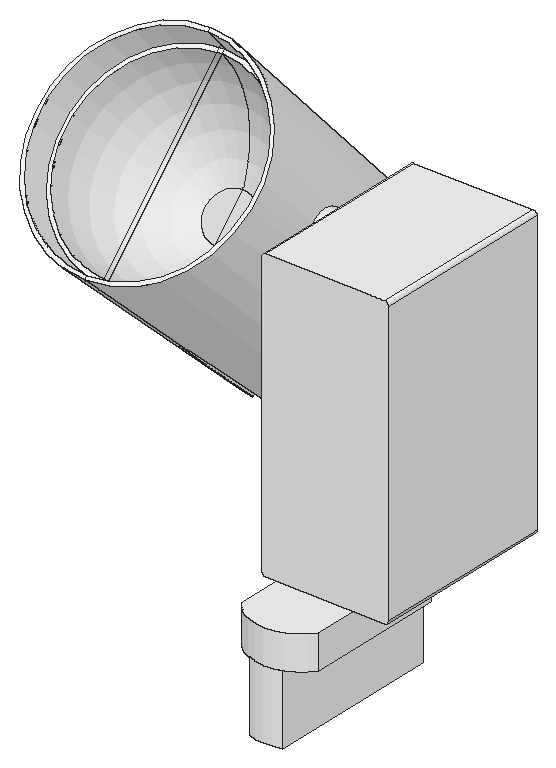
Revit family "0004828 Feilo Sylvania Lighting Fixture START TRACK SPOT S 24W 4K RA80 WB WHITE", category Lighting Fixtures, host Face, Revit 2017 (continued)
Definition of nested family "Start Track Spot Head"
  Types (96, lengths in mm): name | Wattage | built-in parameter 1150134 | Photometric Web File | Model | built-in parameter 1150105 | Lumens | built-in parameter 1150107 | built-in parameter 1150106 | HeadThickness_FEILO | HeadRibOffset_FEILO | HeadRibDepth_FEILO | HeadRibCutWidth_FEILO | HeadRibCutOffset_FEILO | HeadReflectorRadius_FEILO | HeadReflectorOffset_FEILO | HeadLEDRadius_FEILO | HeadHeight_FEILO | HeadDiffusorOffset_FEILO | HeadDiaOut_FEILO | HeadDiaIn_FEILO | HeadAxisFromTop_FEILO | Emit from Circle Diameter | built-in parameter 1150104 | Description | Apparent Load
    0004864 START TRACK SPOT S 24W 3K RA90 WB WHITE | 24 W | (empty or 0) | "0004864.ies" | "START TRACK SPOT S 24W 3K RA90 WB WHITE" | 152.79 (stored number, unit not read) | 1920 lm | 3000 (stored number, unit not read) | 1.5279 (stored number, unit not read) | 1.5 | 4.179 | 55.714 | 7.167 | 50.87 | 50.588 | 55.714 | 9.556 | 117 | 9.435 | 86 | 77.477 | 69.354 | 77.477 | 7.4322 (stored number, unit not read) | "Integrated LED spotlight, Textured White - RAL9016, compact and minimalist design, ideal for retail applications, die-cast aluminium body, passive cooling heatsink. Beam angle: 64°, color temperature: 3000K , total system power: 24W, total fixture output: 1928 lm, LOR: 100%, colour rendering: Ra: 90 typical, LED Chromaticity: 3 step MacAdam ellipse, lifetime: >50000 hours at L70B50, energy class: A++, A+, A, IR/UV free light source without heat radiation, operating voltage: 220-240V / 50-60Hz, drive current: 600mA, electronic driver, non-dimmable, power factor: 0.95, electrical protection: Class II, Global Track 3 Phase adapter suitable for Global trac 3-circuit tracks, ingress protection rating: IP20, suitable for internal environment only, horizontal rotation: 355°, vertical tilt: 90°, dimensions: Ø86x140x200, weight: 0.966kg." | 24 VA
    0004863 START TRACK SPOT S 24W 3K RA90 MB WHITE | 24 W | (empty or 0) | "0004863.ies" | "START TRACK SPOT S 24W 3K RA90 MB WHITE" | 154.7 (stored number, unit not read) | 1944 lm | 3000 (stored number, unit not read) | 1.547 (stored number, unit not read) | 1.5 | 4.179 | 55.714 | 7.167 | 50.87 | 50.588 | 55.714 | 9.556 | 117 | 9.435 | 86 | 77.477 | 69.354 | 77.477 | 7.5251 (stored number, unit not read) | "Integrated LED spotlight, Textured White - RAL9016, compact and minimalist design, ideal for retail applications, die-cast aluminium body, passive cooling heatsink. Beam angle: 36°, color temperature: 3000K , total system power: 24W, total fixture output: 1944 lm, LOR: 100%, colour rendering: Ra: 90 typical, LED Chromaticity: 3 step MacAdam ellipse, lifetime: >50000 hours at L70B50, energy class: A++, A+, A, IR/UV free light source without heat radiation, operating voltage: 220-240V / 50-60Hz, drive current: 600mA, electronic driver, non-dimmable, power factor: 0.95, electrical protection: Class II, Global Track 3 Phase adapter suitable for Global trac 3-circuit tracks, ingress protection rating: IP20, suitable for internal environment only, horizontal rotation: 355°, vertical tilt: 90°, dimensions: Ø86x140x200, weight: 0.966kg." | 24 VA
    0004862 START TRACK SPOT S 24W 3K RA90 NB WHITE | 24 W | (empty or 0) | "0004862.ies" | "START TRACK SPOT S 24W 3K RA90 NB WHITE" | 158.52 (stored number, unit not read) | 1992 lm | 3000 (stored number, unit not read) | 1.5852 (stored number, unit not read) | 1.5 | 4.179 | 55.714 | 7.167 | 50.87 | 50.588 | 55.714 | 9.556 | 117 | 9.435 | 86 | 77.477 | 69.354 | 77.477 | 7.711 (stored number, unit not read) | "Integrated LED spotlight, Textured White - RAL9016, compact and minimalist design, ideal for retail applications, die-cast aluminium body, passive cooling heatsink. Beam angle: 12°, color temperature: 3000K , total system power: 24W, total fixture output: 1987 lm, LOR: 100%, colour rendering: Ra: 90 typical, LED Chromaticity: 3 step MacAdam ellipse, lifetime: >50000 hours at L70B50, energy class: A++, A+, A, IR/UV free light source without heat radiation, operating voltage: 220-240V / 50-60Hz, drive current: 600mA, electronic driver, non-dimmable, power factor: 0.95, electrical protection: Class II, Global Track 3 Phase adapter suitable for Global trac 3-circuit tracks, ingress protection rating: IP20, suitable for internal environment only, horizontal rotation: 355°, vertical tilt: 90°, dimensions: Ø86x140x200, weight: 0.966kg." | 24 VA
    0004861 START TRACK SPOT S 14W 3K RA90 WB WHITE | 14 W | (empty or 0) | "0004861.ies" | "START TRACK SPOT S 14W 3K RA90 WB WHITE" | 100.27 (stored number, unit not read) | 1260 lm | 3000 (stored number, unit not read) | 1.0027 (stored number, unit not read) | 1.5 | 4.179 | 55.714 | 7.167 | 50.87 | 50.588 | 55.714 | 9.556 | 117 | 9.435 | 86 | 77.477 | 69.354 | 77.477 | 8.3613 (stored number, unit not read) | "Integrated LED spotlight, Textured White - RAL9016, compact and minimalist design, ideal for retail applications, die-cast aluminium body, passive cooling heatsink. Beam angle: 64°, color temperature: 3000K , total system power: 14W, total fixture output: 1262 lm, LOR: 100%, colour rendering: Ra: 90 typical, LED Chromaticity: 3 step MacAdam ellipse, lifetime: >50000 hours at L70B50, energy class: A++, A+, A, IR/UV free light source without heat radiation, operating voltage: 220-240V / 50-60Hz, drive current: 350mA, electronic driver, non-dimmable, power factor: 0.92, electrical protection: Class II, Global Track 3 Phase adapter suitable for Global trac 3-circuit tracks, ingress protection rating: IP20, suitable for internal environment only, horizontal rotation: 355°, vertical tilt: 90°, dimensions: Ø86x140x200, weight: 0.940kg." | 14 VA
    0004860 START TRACK SPOT S 14W 3K RA90 MB WHITE | 14 W | (empty or 0) | "0004860.ies" | "START TRACK SPOT S 14W 3K RA90 MB WHITE" | 100.27 (stored number, unit not read) | 1260 lm | 3000 (stored number, unit not read) | 1.0027 (stored number, unit not read) | 1.5 | 4.179 | 55.714 | 7.167 | 50.87 | 50.588 | 55.714 | 9.556 | 117 | 9.435 | 86 | 77.477 | 69.354 | 77.477 | 8.3613 (stored number, unit not read) | "Integrated LED spotlight, Textured White - RAL9016, compact and minimalist design, ideal for retail applications, die-cast aluminium body, passive cooling heatsink. Beam angle: 36°, color temperature: 3000K , total system power: 14W, total fixture output: 1262 lm, LOR: 100%, colour rendering: Ra: 90 typical, LED Chromaticity: 3 step MacAdam ellipse, lifetime: >50000 hours at L70B50, energy class: A++, A+, A, IR/UV free light source without heat radiation, operating voltage: 220-240V / 50-60Hz, drive current: 350mA, electronic driver, non-dimmable, power factor: 0.92, electrical protection: Class II, Global Track 3 Phase adapter suitable for Global trac 3-circuit tracks, ingress protection rating: IP20, suitable for internal environment only, horizontal rotation: 355°, vertical tilt: 90°, dimensions: Ø86x140x200, weight: 0.940kg." | 14 VA
    0004859 START TRACK SPOT S 14W 3K RA90 NB WHITE | 14 W | (empty or 0) | "0004859.ies" | "START TRACK SPOT S 14W 3K RA90 NB WHITE" | 102.5 (stored number, unit not read) | 1288 lm | 3000 (stored number, unit not read) | 1.025 (stored number, unit not read) | 1.5 | 4.179 | 55.714 | 7.167 | 50.87 | 50.588 | 55.714 | 9.556 | 117 | 9.435 | 86 | 77.477 | 69.354 | 77.477 | 8.5471 (stored number, unit not read) | "Integrated LED spotlight, Textured White - RAL9016, compact and minimalist design, ideal for retail applications, die-cast aluminium body, passive cooling heatsink. Beam angle: 12°, color temperature: 3000K , total system power: 14W, total fixture output: 1284 lm, LOR: 100%, colour rendering: Ra: 90 typical, LED Chromaticity: 3 step MacAdam ellipse, lifetime: >50000 hours at L70B50, energy class: A++, A+, A, IR/UV free light source without heat radiation, operating voltage: 220-240V / 50-60Hz, drive current: 350mA, electronic driver, non-dimmable, power factor: 0.92, electrical protection: Class II, Global Track 3 Phase adapter suitable for Global trac 3-circuit tracks, ingress protection rating: IP20, suitable for internal environment only, horizontal rotation: 355°, vertical tilt: 90°, dimensions: Ø86x140x200, weight: 0.940kg." | 14 VA
    0004858 START TRACK SPOT L 55W 4K RA80 WB BLACK | 55 W | 12 | "0004858.ies" | "START TRACK SPOT L 55W 4K RA80 WB BLACK" | 424.55 (stored number, unit not read) | 5335 lm | 4000 (stored number, unit not read) | 4.2455 (stored number, unit not read) | 2 | 4.429 | 59.048 | 9.417 | 53.913 | 66.471 | 59.048 | 12.556 | 124 | 10 | 113 | 101.802 | 73.503 | 101.802 | 9.0116 (stored number, unit not read) | "Integrated LED spotlight, Textured Black - RAL9005, compact and minimalist design, ideal for retail applications, die-cast aluminium body, passive cooling heatsink. Beam angle: 52°, color temperature: 4000K , total system power: 55W, total fixture output: 5320 lm, LOR: 100%, colour rendering: Ra: 80 typical, LED Chromaticity: 3 step MacAdam ellipse, lifetime: >50000 hours at L70B50, energy class: A++, A+, A, IR/UV free light source without heat radiation, operating voltage: 220-240V / 50-60Hz, drive current: 1400mA, electronic driver, non-dimmable, power factor: 0.96, electrical protection: Class II, Global Track 3 Phase adapter suitable for Global trac 3-circuit tracks, ingress protection rating: IP20, suitable for internal environment only, horizontal rotation: 355°, vertical tilt: 90°, dimensions: Ø113x164x240, weight: 1.398kg." | 55 VA
    0004857 START TRACK SPOT L 55W 4K RA80 MB BLACK | 55 W | 12 | "0004857.ies" | "START TRACK SPOT L 55W 4K RA80 MB BLACK" | 428.92 (stored number, unit not read) | 5390 lm | 4000 (stored number, unit not read) | 4.2892 (stored number, unit not read) | 2 | 4.429 | 59.048 | 9.417 | 53.913 | 66.471 | 59.048 | 12.556 | 124 | 10 | 113 | 101.802 | 73.503 | 101.802 | 9.1045 (stored number, unit not read) | "Integrated LED spotlight, Textured Black - RAL9005, compact and minimalist design, ideal for retail applications, die-cast aluminium body, passive cooling heatsink. Beam angle: 38°, color temperature: 4000K , total system power: 55W, total fixture output: 5378 lm, LOR: 100%, colour rendering: Ra: 80 typical, LED Chromaticity: 3 step MacAdam ellipse, lifetime: >50000 hours at L70B50, energy class: A++, A+, A, IR/UV free light source without heat radiation, operating voltage: 220-240V / 50-60Hz, drive current: 1400mA, electronic driver, non-dimmable, power factor: 0.96, electrical protection: Class II, Global Track 3 Phase adapter suitable for Global trac 3-circuit tracks, ingress protection rating: IP20, suitable for internal environment only, horizontal rotation: 355°, vertical tilt: 90°, dimensions: Ø113x164x240, weight: 1.398kg." | 55 VA
    0004856 START TRACK SPOT L 55W 4K RA80 NB BLACK | 55 W | 12 | "0004856.ies" | "START TRACK SPOT L 55W 4K RA80 NB BLACK" | 433.3 (stored number, unit not read) | 5445 lm | 4000 (stored number, unit not read) | 4.333 (stored number, unit not read) | 2 | 4.429 | 59.048 | 9.417 | 53.913 | 66.471 | 59.048 | 12.556 | 124 | 10 | 113 | 101.802 | 73.503 | 101.802 | 9.1974 (stored number, unit not read) | "Integrated LED spotlight, Textured Black - RAL9005, compact and minimalist design, ideal for retail applications, die-cast aluminium body, passive cooling heatsink. Beam angle: 15°, color temperature: 4000K , total system power: 55W, total fixture output: 5426 lm, LOR: 100%, colour rendering: Ra: 80 typical, LED Chromaticity: 3 step MacAdam ellipse, lifetime: >50000 hours at L70B50, energy class: A++, A+, A, IR/UV free light source without heat radiation, operating voltage: 220-240V / 50-60Hz, drive current: 1400mA, electronic driver, non-dimmable, power factor: 0.96, electrical protection: Class II, Global Track 3 Phase adapter suitable for Global trac 3-circuit tracks, ingress protection rating: IP20, suitable for internal environment only, horizontal rotation: 355°, vertical tilt: 90°, dimensions: Ø113x164x240, weight: 1.398kg." | 55 VA
    0004855 START TRACK SPOT L 35W 4K RA80 WB BLACK | 35 W | 12 | "0004855.ies" | "START TRACK SPOT L 35W 4K RA80 WB BLACK" | 320.3 (stored number, unit not read) | 4025 lm | 4000 (stored number, unit not read) | 3.203 (stored number, unit not read) | 2 | 4.429 | 59.048 | 9.417 | 53.913 | 66.471 | 59.048 | 12.556 | 124 | 10 | 113 | 101.802 | 73.503 | 101.802 | 10.684 (stored number, unit not read) | "Integrated LED spotlight, Textured Black - RAL9005, compact and minimalist design, ideal for retail applications, die-cast aluminium body, passive cooling heatsink. Beam angle: 52°, color temperature: 4000K , total system power: 35W, total fixture output: 4010 lm, LOR: 100%, colour rendering: Ra: 80 typical, LED Chromaticity: 3 step MacAdam ellipse, lifetime: >50000 hours at L70B50, energy class: A++, A+, A, IR/UV free light source without heat radiation, operating voltage: 220-240V / 50-60Hz, drive current: 900mA, electronic driver, non-dimmable, power factor: 0.93, electrical protection: Class II, Global Track 3 Phase adapter suitable for Global trac 3-circuit tracks, ingress protection rating: IP20, suitable for internal environment only, horizontal rotation: 355°, vertical tilt: 90°, dimensions: Ø113x164x240, weight: 1.368kg." | 35 VA
    0004854 START TRACK SPOT L 35W 4K RA80 MB BLACK | 35 W | 12 | "0004854.ies" | "START TRACK SPOT L 35W 4K RA80 MB BLACK" | 320.3 (stored number, unit not read) | 4025 lm | 4000 (stored number, unit not read) | 3.203 (stored number, unit not read) | 2 | 4.429 | 59.048 | 9.417 | 53.913 | 66.471 | 59.048 | 12.556 | 124 | 10 | 113 | 101.802 | 73.503 | 101.802 | 10.684 (stored number, unit not read) | "Integrated LED spotlight, Textured Black - RAL9005, compact and minimalist design, ideal for retail applications, die-cast aluminium body, passive cooling heatsink. Beam angle: 38°, color temperature: 4000K , total system power: 35W, total fixture output: 4017 lm, LOR: 100%, colour rendering: Ra: 80 typical, LED Chromaticity: 3 step MacAdam ellipse, lifetime: >50000 hours at L70B50, energy class: A++, A+, A, IR/UV free light source without heat radiation, operating voltage: 220-240V / 50-60Hz, drive current: 900mA, electronic driver, non-dimmable, power factor: 0.93, electrical protection: Class II, Global Track 3 Phase adapter suitable for Global trac 3-circuit tracks, ingress protection rating: IP20, suitable for internal environment only, horizontal rotation: 355°, vertical tilt: 90°, dimensions: Ø113x164x240, weight: 1.368kg." | 35 VA
    0004853 START TRACK SPOT L 35W 4K RA80 NB BLACK | 35 W | 12 | "0004853.ies" | "START TRACK SPOT L 35W 4K RA80 NB BLACK" | 331.44 (stored number, unit not read) | 4165 lm | 4000 (stored number, unit not read) | 3.3144 (stored number, unit not read) | 2 | 4.429 | 59.048 | 9.417 | 53.913 | 66.471 | 59.048 | 12.556 | 124 | 10 | 113 | 101.802 | 73.503 | 101.802 | 11.055 (stored number, unit not read) | "Integrated LED spotlight, Textured Black - RAL9005, compact and minimalist design, ideal for retail applications, die-cast aluminium body, passive cooling heatsink. Beam angle: 15°, color temperature: 4000K , total system power: 35W, total fixture output: 4174 lm, LOR: 100%, colour rendering: Ra: 80 typical, LED Chromaticity: 3 step MacAdam ellipse, lifetime: >50000 hours at L70B50, energy class: A++, A+, A, IR/UV free light source without heat radiation, operating voltage: 220-240V / 50-60Hz, drive current: 900mA, electronic driver, non-dimmable, power factor: 0.93, electrical protection: Class II, Global Track 3 Phase adapter suitable for Global trac 3-circuit tracks, ingress protection rating: IP20, suitable for internal environment only, horizontal rotation: 355°, vertical tilt: 90°, dimensions: Ø113x164x240, weight: 1.368kg." | 35 VA
    0004852 START TRACK SPOT S 24W 4K RA80 WB BLACK | 24 W | 12 | "0004852.ies" | "START TRACK SPOT S 24W 4K RA80 WB BLACK" | 196.72 (stored number, unit not read) | 2472 lm | 4000 (stored number, unit not read) | 1.9672 (stored number, unit not read) | 1.5 | 4.179 | 55.714 | 7.167 | 50.87 | 50.588 | 55.714 | 9.556 | 117 | 9.435 | 86 | 77.477 | 69.354 | 77.477 | 9.569 (stored number, unit not read) | "Integrated LED spotlight, Textured Black - RAL9005, compact and minimalist design, ideal for retail applications, die-cast aluminium body, passive cooling heatsink. Beam angle: 64°, color temperature: 4000K , total system power: 24W, total fixture output: 2476 lm, LOR: 100%, colour rendering: Ra: 80 typical, LED Chromaticity: 3 step MacAdam ellipse, lifetime: >50000 hours at L70B50, energy class: A++, A+, A, IR/UV free light source without heat radiation, operating voltage: 220-240V / 50-60Hz, drive current: 600mA, electronic driver, non-dimmable, power factor: 0.95, electrical protection: Class II, Global Track 3 Phase adapter suitable for Global trac 3-circuit tracks, ingress protection rating: IP20, suitable for internal environment only, horizontal rotation: 355°, vertical tilt: 90°, dimensions: Ø86x140x200, weight: 0.966kg." | 24 VA
    0004851 START TRACK SPOT S 24W 4K RA80 MB BLACK | 24 W | 12 | "0004851.ies" | "START TRACK SPOT S 24W 4K RA80 MB BLACK" | 198.63 (stored number, unit not read) | 2496 lm | 4000 (stored number, unit not read) | 1.9863 (stored number, unit not read) | 1.5 | 4.179 | 55.714 | 7.167 | 50.87 | 50.588 | 55.714 | 9.556 | 117 | 9.435 | 86 | 77.477 | 69.354 | 77.477 | 9.6619 (stored number, unit not read) | "Integrated LED spotlight, Textured Black - RAL9005, compact and minimalist design, ideal for retail applications, die-cast aluminium body, passive cooling heatsink. Beam angle: 36°, color temperature: 4000K , total system power: 24W, total fixture output: 2487 lm, LOR: 100%, colour rendering: Ra: 80 typical, LED Chromaticity: 3 step MacAdam ellipse, lifetime: >50000 hours at L70B50, energy class: A++, A+, A, IR/UV free light source without heat radiation, operating voltage: 220-240V / 50-60Hz, drive current: 600mA, electronic driver, non-dimmable, power factor: 0.95, electrical protection: Class II, Global Track 3 Phase adapter suitable for Global trac 3-circuit tracks, ingress protection rating: IP20, suitable for internal environment only, horizontal rotation: 355°, vertical tilt: 90°, dimensions: Ø86x140x200, weight: 0.966kg." | 24 VA
    0004850 START TRACK SPOT S 24W 4K RA80 NB BLACK | 24 W | 12 | "0004850.ies" | "START TRACK SPOT S 24W 4K RA80 NB BLACK" | 200.54 (stored number, unit not read) | 2520 lm | 4000 (stored number, unit not read) | 2.0054 (stored number, unit not read) | 1.5 | 4.179 | 55.714 | 7.167 | 50.87 | 50.588 | 55.714 | 9.556 | 117 | 9.435 | 86 | 77.477 | 69.354 | 77.477 | 9.7548 (stored number, unit not read) | "Integrated LED spotlight, Textured Black - RAL9005, compact and minimalist design, ideal for retail applications, die-cast aluminium body, passive cooling heatsink. Beam angle: 12°, color temperature: 4000K , total system power: 24W, total fixture output: 2529 lm, LOR: 100%, colour rendering: Ra: 80 typical, LED Chromaticity: 3 step MacAdam ellipse, lifetime: >50000 hours at L70B50, energy class: A++, A+, A, IR/UV free light source without heat radiation, operating voltage: 220-240V / 50-60Hz, drive current: 600mA, electronic driver, non-dimmable, power factor: 0.95, electrical protection: Class II, Global Track 3 Phase adapter suitable for Global trac 3-circuit tracks, ingress protection rating: IP20, suitable for internal environment only, horizontal rotation: 355°, vertical tilt: 90°, dimensions: Ø86x140x200, weight: 0.966kg." | 24 VA
    0004849 START TRACK SPOT S 14W 4K RA80 WB BLACK | 14 W | 12 | "0004849.ies" | "START TRACK SPOT S 14W 4K RA80 WB BLACK" | 123.66 (stored number, unit not read) | 1554 lm | 4000 (stored number, unit not read) | 1.2366 (stored number, unit not read) | 1.5 | 4.179 | 55.714 | 7.167 | 50.87 | 50.588 | 55.714 | 9.556 | 117 | 9.435 | 86 | 77.477 | 69.354 | 77.477 | 10.312 (stored number, unit not read) | "Integrated LED spotlight, Textured Black - RAL9005, compact and minimalist design, ideal for retail applications, die-cast aluminium body, passive cooling heatsink. Beam angle: 64°, color temperature: 4000K , total system power: 14W, total fixture output: 1558 lm, LOR: 100%, colour rendering: Ra: 80 typical, LED Chromaticity: 3 step MacAdam ellipse, lifetime: >50000 hours at L70B50, energy class: A++, A+, A, IR/UV free light source without heat radiation, operating voltage: 220-240V / 50-60Hz, drive current: 350mA, electronic driver, non-dimmable, power factor: 0.92, electrical protection: Class II, Global Track 3 Phase adapter suitable for Global trac 3-circuit tracks, ingress protection rating: IP20, suitable for internal environment only, horizontal rotation: 355°, vertical tilt: 90°, dimensions: Ø86x140x200, weight: 0.940kg." | 14 VA
    0004848 START TRACK SPOT S 14W 4K RA80 MB BLACK | 14 W | 12 | "0004848.ies" | "START TRACK SPOT S 14W 4K RA80 MB BLACK" | 127.01 (stored number, unit not read) | 1596 lm | 4000 (stored number, unit not read) | 1.2701 (stored number, unit not read) | 1.5 | 4.179 | 55.714 | 7.167 | 50.87 | 50.588 | 55.714 | 9.556 | 117 | 9.435 | 86 | 77.477 | 69.354 | 77.477 | 10.591 (stored number, unit not read) | "Integrated LED spotlight, Textured Black - RAL9005, compact and minimalist design, ideal for retail applications, die-cast aluminium body, passive cooling heatsink. Beam angle: 36°, color temperature: 4000K , total system power: 14W, total fixture output: 1598 lm, LOR: 100%, colour rendering: Ra: 80 typical, LED Chromaticity: 3 step MacAdam ellipse, lifetime: >50000 hours at L70B50, energy class: A++, A+, A, IR/UV free light source without heat radiation, operating voltage: 220-240V / 50-60Hz, drive current: 350mA, electronic driver, non-dimmable, power factor: 0.92, electrical protection: Class II, Global Track 3 Phase adapter suitable for Global trac 3-circuit tracks, ingress protection rating: IP20, suitable for internal environment only, horizontal rotation: 355°, vertical tilt: 90°, dimensions: Ø86x140x200, weight: 0.940kg." | 14 VA
    0004847 START TRACK SPOT S 14W 4K RA80 NB BLACK | 14 W | 12 | "0004847.ies" | "START TRACK SPOT S 14W 4K RA80 NB BLACK" | 128.12 (stored number, unit not read) | 1610 lm | 4000 (stored number, unit not read) | 1.2812 (stored number, unit not read) | 1.5 | 4.179 | 55.714 | 7.167 | 50.87 | 50.588 | 55.714 | 9.556 | 117 | 9.435 | 86 | 77.477 | 69.354 | 77.477 | 10.684 (stored number, unit not read) | "Integrated LED spotlight, Textured Black - RAL9005, compact and minimalist design, ideal for retail applications, die-cast aluminium body, passive cooling heatsink. Beam angle: 12°, color temperature: 4000K , total system power: 14W, total fixture output: 1608 lm, LOR: 100%, colour rendering: Ra: 80 typical, LED Chromaticity: 3 step MacAdam ellipse, lifetime: >50000 hours at L70B50, energy class: A++, A+, A, IR/UV free light source without heat radiation, operating voltage: 220-240V / 50-60Hz, drive current: 350mA, electronic driver, non-dimmable, power factor: 0.92, electrical protection: Class II, Global Track 3 Phase adapter suitable for Global trac 3-circuit tracks, ingress protection rating: IP20, suitable for internal environment only, horizontal rotation: 355°, vertical tilt: 90°, dimensions: Ø86x140x200, weight: 0.940kg." | 14 VA
    0004846 START TRACK SPOT L 55W 3K RA80 WB BLACK | 55 W | (empty or 0) | "0004846.ies" | "START TRACK SPOT L 55W 3K RA80 WB BLACK" | 420.17 (stored number, unit not read) | 5280 lm | 3000 (stored number, unit not read) | 4.2017 (stored number, unit not read) | 2 | 4.429 | 59.048 | 9.417 | 53.913 | 66.471 | 59.048 | 12.556 | 124 | 10 | 113 | 101.802 | 73.503 | 101.802 | 8.9187 (stored number, unit not read) | "Integrated LED spotlight, Textured Black - RAL9005, compact and minimalist design, ideal for retail applications, die-cast aluminium body, passive cooling heatsink. Beam angle: 52°, color temperature: 3000K , total system power: 55W, total fixture output: 5298 lm, LOR: 100%, colour rendering: Ra: 80 typical, LED Chromaticity: 3 step MacAdam ellipse, lifetime: >50000 hours at L70B50, energy class: A++, A+, A, IR/UV free light source without heat radiation, operating voltage: 220-240V / 50-60Hz, drive current: 1400mA, electronic driver, non-dimmable, power factor: 0.96, electrical protection: Class II, Global Track 3 Phase adapter suitable for Global trac 3-circuit tracks, ingress protection rating: IP20, suitable for internal environment only, horizontal rotation: 355°, vertical tilt: 90°, dimensions: Ø113x164x240, weight: 1.398kg." | 55 VA
    0004845 START TRACK SPOT L 55W 3K RA80 MB BLACK | 55 W | (empty or 0) | "0004845.ies" | "START TRACK SPOT L 55W 3K RA80 MB BLACK" | 428.92 (stored number, unit not read) | 5390 lm | 3000 (stored number, unit not read) | 4.2892 (stored number, unit not read) | 2 | 4.429 | 59.048 | 9.417 | 53.913 | 66.471 | 59.048 | 12.556 | 124 | 10 | 113 | 101.802 | 73.503 | 101.802 | 9.1045 (stored number, unit not read) | "Integrated LED spotlight, Textured Black - RAL9005, compact and minimalist design, ideal for retail applications, die-cast aluminium body, passive cooling heatsink. Beam angle: 38°, color temperature: 3000K , total system power: 55W, total fixture output: 5381 lm, LOR: 100%, colour rendering: Ra: 80 typical, LED Chromaticity: 3 step MacAdam ellipse, lifetime: >50000 hours at L70B50, energy class: A++, A+, A, IR/UV free light source without heat radiation, operating voltage: 220-240V / 50-60Hz, drive current: 1400mA, electronic driver, non-dimmable, power factor: 0.96, electrical protection: Class II, Global Track 3 Phase adapter suitable for Global trac 3-circuit tracks, ingress protection rating: IP20, suitable for internal environment only, horizontal rotation: 355°, vertical tilt: 90°, dimensions: Ø113x164x240, weight: 1.398kg." | 55 VA
    0004844 START TRACK SPOT L 55W 3K RA80 NB BLACK | 55 W | (empty or 0) | "0004844.ies" | "START TRACK SPOT L 55W 3K RA80 NB BLACK" | 433.3 (stored number, unit not read) | 5445 lm | 3000 (stored number, unit not read) | 4.333 (stored number, unit not read) | 2 | 4.429 | 59.048 | 9.417 | 53.913 | 66.471 | 59.048 | 12.556 | 124 | 10 | 113 | 101.802 | 73.503 | 101.802 | 9.1974 (stored number, unit not read) | "Integrated LED spotlight, Textured Black - RAL9005, compact and minimalist design, ideal for retail applications, die-cast aluminium body, passive cooling heatsink. Beam angle: 15°, color temperature: 3000K , total system power: 55W, total fixture output: 5449 lm, LOR: 100%, colour rendering: Ra: 80 typical, LED Chromaticity: 3 step MacAdam ellipse, lifetime: >50000 hours at L70B50, energy class: A++, A+, A, IR/UV free light source without heat radiation, operating voltage: 220-240V / 50-60Hz, drive current: 1400mA, electronic driver, non-dimmable, power factor: 0.96, electrical protection: Class II, Global Track 3 Phase adapter suitable for Global trac 3-circuit tracks, ingress protection rating: IP20, suitable for internal environment only, horizontal rotation: 355°, vertical tilt: 90°, dimensions: Ø113x164x240, weight: 1.398kg." | 55 VA
    0004843 START TRACK SPOT L 35W 3K RA80 WB BLACK | 35 W | (empty or 0) | "0004843.ies" | "START TRACK SPOT L 35W 3K RA80 WB BLACK" | 314.73 (stored number, unit not read) | 3955 lm | 3000 (stored number, unit not read) | 3.1473 (stored number, unit not read) | 2 | 4.429 | 59.048 | 9.417 | 53.913 | 66.471 | 59.048 | 12.556 | 124 | 10 | 113 | 101.802 | 73.503 | 101.802 | 10.498 (stored number, unit not read) | "Integrated LED spotlight, Textured Black - RAL9005, compact and minimalist design, ideal for retail applications, die-cast aluminium body, passive cooling heatsink. Beam angle: 52°, color temperature: 3000K , total system power: 35W, total fixture output: 3943 lm, LOR: 100%, colour rendering: Ra: 80 typical, LED Chromaticity: 3 step MacAdam ellipse, lifetime: >50000 hours at L70B50, energy class: A++, A+, A, IR/UV free light source without heat radiation, operating voltage: 220-240V / 50-60Hz, drive current: 900mA, electronic driver, non-dimmable, power factor: 0.93, electrical protection: Class II, Global Track 3 Phase adapter suitable for Global trac 3-circuit tracks, ingress protection rating: IP20, suitable for internal environment only, horizontal rotation: 355°, vertical tilt: 90°, dimensions: Ø113x164x240, weight: 1.368kg." | 35 VA
    0004842 START TRACK SPOT L 35W 3K RA80 MB BLACK | 35 W | (empty or 0) | "0004842.ies" | "START TRACK SPOT L 35W 3K RA80 MB BLACK" | 320.3 (stored number, unit not read) | 4025 lm | 3000 (stored number, unit not read) | 3.203 (stored number, unit not read) | 2 | 4.429 | 59.048 | 9.417 | 53.913 | 66.471 | 59.048 | 12.556 | 124 | 10 | 113 | 101.802 | 73.503 | 101.802 | 10.684 (stored number, unit not read) | "Integrated LED spotlight, Textured Black - RAL9005, compact and minimalist design, ideal for retail applications, die-cast aluminium body, passive cooling heatsink. Beam angle: 38°, color temperature: 3000K , total system power: 35W, total fixture output: 4008 lm, LOR: 100%, colour rendering: Ra: 80 typical, LED Chromaticity: 3 step MacAdam ellipse, lifetime: >50000 hours at L70B50, energy class: A++, A+, A, IR/UV free light source without heat radiation, operating voltage: 220-240V / 50-60Hz, drive current: 900mA, electronic driver, non-dimmable, power factor: 0.93, electrical protection: Class II, Global Track 3 Phase adapter suitable for Global trac 3-circuit tracks, ingress protection rating: IP20, suitable for internal environment only, horizontal rotation: 355°, vertical tilt: 90°, dimensions: Ø113x164x240, weight: 1.368kg." | 35 VA
    0004841 START TRACK SPOT L 35W 3K RA80 NB BLACK | 35 W | (empty or 0) | "0004841.ies" | "START TRACK SPOT L 35W 3K RA80 NB BLACK" | 317.51 (stored number, unit not read) | 3990 lm | 3000 (stored number, unit not read) | 3.1751 (stored number, unit not read) | 2 | 4.429 | 59.048 | 9.417 | 53.913 | 66.471 | 59.048 | 12.556 | 124 | 10 | 113 | 101.802 | 73.503 | 101.802 | 10.591 (stored number, unit not read) | "Integrated LED spotlight, Textured Black - RAL9005, compact and minimalist design, ideal for retail applications, die-cast aluminium body, passive cooling heatsink. Beam angle: 15°, color temperature: 3000K , total system power: 35W, total fixture output: 4005 lm, LOR: 100%, colour rendering: Ra: 80 typical, LED Chromaticity: 3 step MacAdam ellipse, lifetime: >50000 hours at L70B50, energy class: A++, A+, A, IR/UV free light source without heat radiation, operating voltage: 220-240V / 50-60Hz, drive current: 900mA, electronic driver, non-dimmable, power factor: 0.93, electrical protection: Class II, Global Track 3 Phase adapter suitable for Global trac 3-circuit tracks, ingress protection rating: IP20, suitable for internal environment only, horizontal rotation: 355°, vertical tilt: 90°, dimensions: Ø113x164x240, weight: 1.368kg." | 35 VA
    0004840 START TRACK SPOT S 24W 3K RA80 WB BLACK | 24 W | (empty or 0) | "0004840.ies" | "START TRACK SPOT S 24W 3K RA80 WB BLACK" | 185.26 (stored number, unit not read) | 2328 lm | 3000 (stored number, unit not read) | 1.8526 (stored number, unit not read) | 1.5 | 4.179 | 55.714 | 7.167 | 50.87 | 50.588 | 55.714 | 9.556 | 117 | 9.435 | 86 | 77.477 | 69.354 | 77.477 | 9.0116 (stored number, unit not read) | "Integrated LED spotlight, Textured Black - RAL9005, compact and minimalist design, ideal for retail applications, die-cast aluminium body, passive cooling heatsink. Beam angle: 64°, color temperature: 3000K , total system power: 24W, total fixture output: 2318 lm, LOR: 100%, colour rendering: Ra: 80 typical, LED Chromaticity: 3 step MacAdam ellipse, lifetime: >50000 hours at L70B50, energy class: A++, A+, A, IR/UV free light source without heat radiation, operating voltage: 220-240V / 50-60Hz, drive current: 600mA, electronic driver, non-dimmable, power factor: 0.95, electrical protection: Class II, Global Track 3 Phase adapter suitable for Global trac 3-circuit tracks, ingress protection rating: IP20, suitable for internal environment only, horizontal rotation: 355°, vertical tilt: 90°, dimensions: Ø86x140x200, weight: 0.966kg." | 24 VA
    0004839 START TRACK SPOT S 24W 3K RA80 MB BLACK | 24 W | (empty or 0) | "0004839.ies" | "START TRACK SPOT S 24W 3K RA80 MB BLACK" | 183.35 (stored number, unit not read) | 2304 lm | 3000 (stored number, unit not read) | 1.8335 (stored number, unit not read) | 1.5 | 4.179 | 55.714 | 7.167 | 50.87 | 50.588 | 55.714 | 9.556 | 117 | 9.435 | 86 | 77.477 | 69.354 | 77.477 | 8.9187 (stored number, unit not read) | "Integrated LED spotlight, Textured Black - RAL9005, compact and minimalist design, ideal for retail applications, die-cast aluminium body, passive cooling heatsink. Beam angle: 36°, color temperature: 3000K , total system power: 24W, total fixture output: 2314 lm, LOR: 100%, colour rendering: Ra: 80 typical, LED Chromaticity: 3 step MacAdam ellipse, lifetime: >50000 hours at L70B50, energy class: A++, A+, A, IR/UV free light source without heat radiation, operating voltage: 220-240V / 50-60Hz, drive current: 600mA, electronic driver, non-dimmable, power factor: 0.95, electrical protection: Class II, Global Track 3 Phase adapter suitable for Global trac 3-circuit tracks, ingress protection rating: IP20, suitable for internal environment only, horizontal rotation: 355°, vertical tilt: 90°, dimensions: Ø86x140x200, weight: 0.966kg." | 24 VA
    0004838 START TRACK SPOT S 24W 3K RA80 NB BLACK | 24 W | (empty or 0) | "0004838.ies" | "START TRACK SPOT S 24W 3K RA80 NB BLACK" | 185.26 (stored number, unit not read) | 2328 lm | 3000 (stored number, unit not read) | 1.8526 (stored number, unit not read) | 1.5 | 4.179 | 55.714 | 7.167 | 50.87 | 50.588 | 55.714 | 9.556 | 117 | 9.435 | 86 | 77.477 | 69.354 | 77.477 | 9.0116 (stored number, unit not read) | "Integrated LED spotlight, Textured Black - RAL9005, compact and minimalist design, ideal for retail applications, die-cast aluminium body, passive cooling heatsink. Beam angle: 12°, color temperature: 3000K , total system power: 24W, total fixture output: 2334 lm, LOR: 100%, colour rendering: Ra: 80 typical, LED Chromaticity: 3 step MacAdam ellipse, lifetime: >50000 hours at L70B50, energy class: A++, A+, A, IR/UV free light source without heat radiation, operating voltage: 220-240V / 50-60Hz, drive current: 600mA, electronic driver, non-dimmable, power factor: 0.95, electrical protection: Class II, Global Track 3 Phase adapter suitable for Global trac 3-circuit tracks, ingress protection rating: IP20, suitable for internal environment only, horizontal rotation: 355°, vertical tilt: 90°, dimensions: Ø86x140x200, weight: 0.966kg." | 24 VA
    0004837 START TRACK SPOT S 14W 3K RA80 WB BLACK | 14 W | (empty or 0) | "0004837.ies" | "START TRACK SPOT S 14W 3K RA80 WB BLACK" | 119.21 (stored number, unit not read) | 1498 lm | 3000 (stored number, unit not read) | 1.1921 (stored number, unit not read) | 1.5 | 4.179 | 55.714 | 7.167 | 50.87 | 50.588 | 55.714 | 9.556 | 117 | 9.435 | 86 | 77.477 | 69.354 | 77.477 | 9.9406 (stored number, unit not read) | "Integrated LED spotlight, Textured Black - RAL9005, compact and minimalist design, ideal for retail applications, die-cast aluminium body, passive cooling heatsink. Beam angle: 64°, color temperature: 3000K , total system power: 14W, total fixture output: 1498 lm, LOR: 100%, colour rendering: Ra: 80 typical, LED Chromaticity: 3 step MacAdam ellipse, lifetime: >50000 hours at L70B50, energy class: A++, A+, A, IR/UV free light source without heat radiation, operating voltage: 220-240V / 50-60Hz, drive current: 350mA, electronic driver, non-dimmable, power factor: 0.92, electrical protection: Class II, Global Track 3 Phase adapter suitable for Global trac 3-circuit tracks, ingress protection rating: IP20, suitable for internal environment only, horizontal rotation: 355°, vertical tilt: 90°, dimensions: Ø86x140x200, weight: 0.940kg." | 14 VA
    0004836 START TRACK SPOT S 14W 3K RA80 MB BLACK | 14 W | (empty or 0) | "0004836.ies" | "START TRACK SPOT S 14W 3K RA80 MB BLACK" | 120.32 (stored number, unit not read) | 1512 lm | 3000 (stored number, unit not read) | 1.2032 (stored number, unit not read) | 1.5 | 4.179 | 55.714 | 7.167 | 50.87 | 50.588 | 55.714 | 9.556 | 117 | 9.435 | 86 | 77.477 | 69.354 | 77.477 | 10.034 (stored number, unit not read) | "Integrated LED spotlight, Textured Black - RAL9005, compact and minimalist design, ideal for retail applications, die-cast aluminium body, passive cooling heatsink. Beam angle: 36°, color temperature: 3000K , total system power: 14W, total fixture output: 1508 lm, LOR: 100%, colour rendering: Ra: 80 typical, LED Chromaticity: 3 step MacAdam ellipse, lifetime: >50000 hours at L70B50, energy class: A++, A+, A, IR/UV free light source without heat radiation, operating voltage: 220-240V / 50-60Hz, drive current: 350mA, electronic driver, non-dimmable, power factor: 0.92, electrical protection: Class II, Global Track 3 Phase adapter suitable for Global trac 3-circuit tracks, ingress protection rating: IP20, suitable for internal environment only, horizontal rotation: 355°, vertical tilt: 90°, dimensions: Ø86x140x200, weight: 0.940kg." | 14 VA
    0004835 START TRACK SPOT S 14W 3K RA80 NB BLACK | 14 W | (empty or 0) | "0004835.ies" | "START TRACK SPOT S 14W 3K RA80 NB BLACK" | 123.66 (stored number, unit not read) | 1554 lm | 3000 (stored number, unit not read) | 1.2366 (stored number, unit not read) | 1.5 | 4.179 | 55.714 | 7.167 | 50.87 | 50.588 | 55.714 | 9.556 | 117 | 9.435 | 86 | 77.477 | 69.354 | 77.477 | 10.312 (stored number, unit not read) | "Integrated LED spotlight, Textured Black - RAL9005, compact and minimalist design, ideal for retail applications, die-cast aluminium body, passive cooling heatsink. Beam angle: 12°, color temperature: 3000K , total system power: 14W, total fixture output: 1551 lm, LOR: 100%, colour rendering: Ra: 80 typical, LED Chromaticity: 3 step MacAdam ellipse, lifetime: >50000 hours at L70B50, energy class: A++, A+, A, IR/UV free light source without heat radiation, operating voltage: 220-240V / 50-60Hz, drive current: 350mA, electronic driver, non-dimmable, power factor: 0.92, electrical protection: Class II, Global Track 3 Phase adapter suitable for Global trac 3-circuit tracks, ingress protection rating: IP20, suitable for internal environment only, horizontal rotation: 355°, vertical tilt: 90°, dimensions: Ø86x140x200, weight: 0.940kg." | 14 VA
    0004834 START TRACK SPOT L 55W 4K RA80 WB WHITE | 55 W | 12 | "0004834.ies" | "START TRACK SPOT L 55W 4K RA80 WB WHITE" | 424.55 (stored number, unit not read) | 5335 lm | 4000 (stored number, unit not read) | 4.2455 (stored number, unit not read) | 2 | 4.429 | 59.048 | 9.417 | 53.913 | 66.471 | 59.048 | 12.556 | 124 | 10 | 113 | 101.802 | 73.503 | 101.802 | 9.0116 (stored number, unit not read) | "Integrated LED spotlight, Textured White - RAL9016, compact and minimalist design, ideal for retail applications, die-cast aluminium body, passive cooling heatsink. Beam angle: 52°, color temperature: 4000K , total system power: 55W, total fixture output: 5320 lm, LOR: 100%, colour rendering: Ra: 80 typical, LED Chromaticity: 3 step MacAdam ellipse, lifetime: >50000 hours at L70B50, energy class: A++, A+, A, IR/UV free light source without heat radiation, operating voltage: 220-240V / 50-60Hz, drive current: 1400mA, electronic driver, non-dimmable, power factor: 0.96, electrical protection: Class II, Global Track 3 Phase adapter suitable for Global trac 3-circuit tracks, ingress protection rating: IP20, suitable for internal environment only, horizontal rotation: 355°, vertical tilt: 90°, dimensions: Ø113x164x240, weight: 1.398kg." | 55 VA
    0004833 START TRACK SPOT L 55W 4K RA80 MB WHITE | 55 W | 12 | "0004833.ies" | "START TRACK SPOT L 55W 4K RA80 MB WHITE" | 428.92 (stored number, unit not read) | 5390 lm | 4000 (stored number, unit not read) | 4.2892 (stored number, unit not read) | 2 | 4.429 | 59.048 | 9.417 | 53.913 | 66.471 | 59.048 | 12.556 | 124 | 10 | 113 | 101.802 | 73.503 | 101.802 | 9.1045 (stored number, unit not read) | "Integrated LED spotlight, Textured White - RAL9016, compact and minimalist design, ideal for retail applications, die-cast aluminium body, passive cooling heatsink. Beam angle: 38°, color temperature: 4000K , total system power: 55W, total fixture output: 5378 lm, LOR: 100%, colour rendering: Ra: 80 typical, LED Chromaticity: 3 step MacAdam ellipse, lifetime: >50000 hours at L70B50, energy class: A++, A+, A, IR/UV free light source without heat radiation, operating voltage: 220-240V / 50-60Hz, drive current: 1400mA, electronic driver, non-dimmable, power factor: 0.96, electrical protection: Class II, Global Track 3 Phase adapter suitable for Global trac 3-circuit tracks, ingress protection rating: IP20, suitable for internal environment only, horizontal rotation: 355°, vertical tilt: 90°, dimensions: Ø113x164x240, weight: 1.398kg." | 55 VA
    0004832 START TRACK SPOT L 55W 4K RA80 NB WHITE | 55 W | 12 | "0004832.ies" | "START TRACK SPOT L 55W 4K RA80 NB WHITE" | 433.3 (stored number, unit not read) | 5445 lm | 4000 (stored number, unit not read) | 4.333 (stored number, unit not read) | 2 | 4.429 | 59.048 | 9.417 | 53.913 | 66.471 | 59.048 | 12.556 | 124 | 10 | 113 | 101.802 | 73.503 | 101.802 | 9.1974 (stored number, unit not read) | "Integrated LED spotlight, Textured White - RAL9016, compact and minimalist design, ideal for retail applications, die-cast aluminium body, passive cooling heatsink. Beam angle: 15°, color temperature: 4000K , total system power: 55W, total fixture output: 5426 lm, LOR: 100%, colour rendering: Ra: 80 typical, LED Chromaticity: 3 step MacAdam ellipse, lifetime: >50000 hours at L70B50, energy class: A++, A+, A, IR/UV free light source without heat radiation, operating voltage: 220-240V / 50-60Hz, drive current: 1400mA, electronic driver, non-dimmable, power factor: 0.96, electrical protection: Class II, Global Track 3 Phase adapter suitable for Global trac 3-circuit tracks, ingress protection rating: IP20, suitable for internal environment only, horizontal rotation: 355°, vertical tilt: 90°, dimensions: Ø113x164x240, weight: 1.398kg." | 55 VA
    0004831 START TRACK SPOT L 35W 4K RA80 WB WHITE | 35 W | 12 | "0004831.ies" | "START TRACK SPOT L 35W 4K RA80 WB WHITE" | 320.3 (stored number, unit not read) | 4025 lm | 4000 (stored number, unit not read) | 3.203 (stored number, unit not read) | 2 | 4.429 | 59.048 | 9.417 | 53.913 | 66.471 | 59.048 | 12.556 | 124 | 10 | 113 | 101.802 | 73.503 | 101.802 | 10.684 (stored number, unit not read) | "Integrated LED spotlight, Textured White - RAL9016, compact and minimalist design, ideal for retail applications, die-cast aluminium body, passive cooling heatsink. Beam angle: 52°, color temperature: 4000K , total system power: 35W, total fixture output: 4010 lm, LOR: 100%, colour rendering: Ra: 80 typical, LED Chromaticity: 3 step MacAdam ellipse, lifetime: >50000 hours at L70B50, energy class: A++, A+, A, IR/UV free light source without heat radiation, operating voltage: 220-240V / 50-60Hz, drive current: 900mA, electronic driver, non-dimmable, power factor: 0.93, electrical protection: Class II, Global Track 3 Phase adapter suitable for Global trac 3-circuit tracks, ingress protection rating: IP20, suitable for internal environment only, horizontal rotation: 355°, vertical tilt: 90°, dimensions: Ø113x164x240, weight: 1.368kg." | 35 VA
    0004830 START TRACK SPOT L 35W 4K RA80 MB WHITE | 35 W | 12 | "0004830.ies" | "START TRACK SPOT L 35W 4K RA80 MB WHITE" | 320.3 (stored number, unit not read) | 4025 lm | 4000 (stored number, unit not read) | 3.203 (stored number, unit not read) | 2 | 4.429 | 59.048 | 9.417 | 53.913 | 66.471 | 59.048 | 12.556 | 124 | 10 | 113 | 101.802 | 73.503 | 101.802 | 10.684 (stored number, unit not read) | "Integrated LED spotlight, Textured White - RAL9016, compact and minimalist design, ideal for retail applications, die-cast aluminium body, passive cooling heatsink. Beam angle: 38°, color temperature: 4000K , total system power: 35W, total fixture output: 4017 lm, LOR: 100%, colour rendering: Ra: 80 typical, LED Chromaticity: 3 step MacAdam ellipse, lifetime: >50000 hours at L70B50, energy class: A++, A+, A, IR/UV free light source without heat radiation, operating voltage: 220-240V / 50-60Hz, drive current: 900mA, electronic driver, non-dimmable, power factor: 0.93, electrical protection: Class II, Global Track 3 Phase adapter suitable for Global trac 3-circuit tracks, ingress protection rating: IP20, suitable for internal environment only, horizontal rotation: 355°, vertical tilt: 90°, dimensions: Ø113x164x240, weight: 1.368kg." | 35 VA
    0004829 START TRACK SPOT L 35W 4K RA80 NB WHITE | 35 W | 12 | "0004829.ies" | "START TRACK SPOT L 35W 4K RA80 NB WHITE" | 331.44 (stored number, unit not read) | 4165 lm | 4000 (stored number, unit not read) | 3.3144 (stored number, unit not read) | 2 | 4.429 | 59.048 | 9.417 | 53.913 | 66.471 | 59.048 | 12.556 | 124 | 10 | 113 | 101.802 | 73.503 | 101.802 | 11.055 (stored number, unit not read) | "Integrated LED spotlight, Textured White - RAL9016, compact and minimalist design, ideal for retail applications, die-cast aluminium body, passive cooling heatsink. Beam angle: 15°, color temperature: 4000K , total system power: 35W, total fixture output: 4174 lm, LOR: 100%, colour rendering: Ra: 80 typical, LED Chromaticity: 3 step MacAdam ellipse, lifetime: >50000 hours at L70B50, energy class: A++, A+, A, IR/UV free light source without heat radiation, operating voltage: 220-240V / 50-60Hz, drive current: 900mA, electronic driver, non-dimmable, power factor: 0.93, electrical protection: Class II, Global Track 3 Phase adapter suitable for Global trac 3-circuit tracks, ingress protection rating: IP20, suitable for internal environment only, horizontal rotation: 355°, vertical tilt: 90°, dimensions: Ø113x164x240, weight: 1.368kg." | 35 VA
    0004828 START TRACK SPOT S 24W 4K RA80 WB WHITE | 24 W | 12 | "0004828.ies" | "START TRACK SPOT S 24W 4K RA80 WB WHITE" | 196.72 (stored number, unit not read) | 2472 lm | 4000 (stored number, unit not read) | 1.9672 (stored number, unit not read) | 1.5 | 4.179 | 55.714 | 7.167 | 50.87 | 50.588 | 55.714 | 9.556 | 117 | 9.435 | 86 | 77.477 | 69.354 | 77.477 | 9.569 (stored number, unit not read) | "Integrated LED spotlight, Textured White - RAL9016, compact and minimalist design, ideal for retail applications, die-cast aluminium body, passive cooling heatsink. Beam angle: 64°, color temperature: 4000K , total system power: 24W, total fixture output: 2476 lm, LOR: 100%, colour rendering: Ra: 80 typical, LED Chromaticity: 3 step MacAdam ellipse, lifetime: >50000 hours at L70B50, energy class: A++, A+, A, IR/UV free light source without heat radiation, operating voltage: 220-240V / 50-60Hz, drive current: 600mA, electronic driver, non-dimmable, power factor: 0.95, electrical protection: Class II, Global Track 3 Phase adapter suitable for Global trac 3-circuit tracks, ingress protection rating: IP20, suitable for internal environment only, horizontal rotation: 355°, vertical tilt: 90°, dimensions: Ø86x140x200, weight: 0.966kg." | 24 VA
    0004827 START TRACK SPOT S 24W 4K RA80 MB WHITE | 24 W | 12 | "0004827.ies" | "START TRACK SPOT S 24W 4K RA80 MB WHITE" | 198.63 (stored number, unit not read) | 2496 lm | 4000 (stored number, unit not read) | 1.9863 (stored number, unit not read) | 1.5 | 4.179 | 55.714 | 7.167 | 50.87 | 50.588 | 55.714 | 9.556 | 117 | 9.435 | 86 | 77.477 | 69.354 | 77.477 | 9.6619 (stored number, unit not read) | "Integrated LED spotlight, Textured White - RAL9016, compact and minimalist design, ideal for retail applications, die-cast aluminium body, passive cooling heatsink. Beam angle: 36°, color temperature: 4000K , total system power: 24W, total fixture output: 2487 lm, LOR: 100%, colour rendering: Ra: 80 typical, LED Chromaticity: 3 step MacAdam ellipse, lifetime: >50000 hours at L70B50, energy class: A++, A+, A, IR/UV free light source without heat radiation, operating voltage: 220-240V / 50-60Hz, drive current: 600mA, electronic driver, non-dimmable, power factor: 0.95, electrical protection: Class II, Global Track 3 Phase adapter suitable for Global trac 3-circuit tracks, ingress protection rating: IP20, suitable for internal environment only, horizontal rotation: 355°, vertical tilt: 90°, dimensions: Ø86x140x200, weight: 0.966kg." | 24 VA
    0004826 START TRACK SPOT S 24W 4K RA80 NB WHITE | 24 W | 12 | "0004826.ies" | "START TRACK SPOT S 24W 4K RA80 NB WHITE" | 200.54 (stored number, unit not read) | 2520 lm | 4000 (stored number, unit not read) | 2.0054 (stored number, unit not read) | 1.5 | 4.179 | 55.714 | 7.167 | 50.87 | 50.588 | 55.714 | 9.556 | 117 | 9.435 | 86 | 77.477 | 69.354 | 77.477 | 9.7548 (stored number, unit not read) | "Integrated LED spotlight, Textured White - RAL9016, compact and minimalist design, ideal for retail applications, die-cast aluminium body, passive cooling heatsink. Beam angle: 12°, color temperature: 4000K , total system power: 24W, total fixture output: 2529 lm, LOR: 100%, colour rendering: Ra: 80 typical, LED Chromaticity: 3 step MacAdam ellipse, lifetime: >50000 hours at L70B50, energy class: A++, A+, A, IR/UV free light source without heat radiation, operating voltage: 220-240V / 50-60Hz, drive current: 600mA, electronic driver, non-dimmable, power factor: 0.95, electrical protection: Class II, Global Track 3 Phase adapter suitable for Global trac 3-circuit tracks, ingress protection rating: IP20, suitable for internal environment only, horizontal rotation: 355°, vertical tilt: 90°, dimensions: Ø86x140x200, weight: 0.966kg." | 24 VA
    0004825 START TRACK SPOT S 14W 4K RA80 WB WHITE | 14 W | 12 | "0004825.ies" | "START TRACK SPOT S 14W 4K RA80 WB WHITE" | 123.66 (stored number, unit not read) | 1554 lm | 4000 (stored number, unit not read) | 1.2366 (stored number, unit not read) | 1.5 | 4.179 | 55.714 | 7.167 | 50.87 | 50.588 | 55.714 | 9.556 | 117 | 9.435 | 86 | 77.477 | 69.354 | 77.477 | 10.312 (stored number, unit not read) | "Integrated LED spotlight, Textured White - RAL9016, compact and minimalist design, ideal for retail applications, die-cast aluminium body, passive cooling heatsink. Beam angle: 64°, color temperature: 4000K , total system power: 14W, total fixture output: 1558 lm, LOR: 100%, colour rendering: Ra: 80 typical, LED Chromaticity: 3 step MacAdam ellipse, lifetime: >50000 hours at L70B50, energy class: A++, A+, A, IR/UV free light source without heat radiation, operating voltage: 220-240V / 50-60Hz, drive current: 350mA, electronic driver, non-dimmable, power factor: 0.92, electrical protection: Class II, Global Track 3 Phase adapter suitable for Global trac 3-circuit tracks, ingress protection rating: IP20, suitable for internal environment only, horizontal rotation: 355°, vertical tilt: 90°, dimensions: Ø86x140x200, weight: 0.940kg." | 14 VA
    0004824 START TRACK SPOT S 14W 4K RA80 MB WHITE | 14 W | 12 | "0004824.ies" | "START TRACK SPOT S 14W 4K RA80 MB WHITE" | 127.01 (stored number, unit not read) | 1596 lm | 4000 (stored number, unit not read) | 1.2701 (stored number, unit not read) | 1.5 | 4.179 | 55.714 | 7.167 | 50.87 | 50.588 | 55.714 | 9.556 | 117 | 9.435 | 86 | 77.477 | 69.354 | 77.477 | 10.591 (stored number, unit not read) | "Integrated LED spotlight, Textured White - RAL9016, compact and minimalist design, ideal for retail applications, die-cast aluminium body, passive cooling heatsink. Beam angle: 36°, color temperature: 4000K , total system power: 14W, total fixture output: 1598 lm, LOR: 100%, colour rendering: Ra: 80 typical, LED Chromaticity: 3 step MacAdam ellipse, lifetime: >50000 hours at L70B50, energy class: A++, A+, A, IR/UV free light source without heat radiation, operating voltage: 220-240V / 50-60Hz, drive current: 350mA, electronic driver, non-dimmable, power factor: 0.92, electrical protection: Class II, Global Track 3 Phase adapter suitable for Global trac 3-circuit tracks, ingress protection rating: IP20, suitable for internal environment only, horizontal rotation: 355°, vertical tilt: 90°, dimensions: Ø86x140x200, weight: 0.940kg." | 14 VA
    0004823 START TRACK SPOT S 14W 4K RA80 NB WHITE | 14 W | 12 | "0004823.ies" | "START TRACK SPOT S 14W 4K RA80 NB WHITE" | 128.12 (stored number, unit not read) | 1610 lm | 4000 (stored number, unit not read) | 1.2812 (stored number, unit not read) | 1.5 | 4.179 | 55.714 | 7.167 | 50.87 | 50.588 | 55.714 | 9.556 | 117 | 9.435 | 86 | 77.477 | 69.354 | 77.477 | 10.684 (stored number, unit not read) | "Integrated LED spotlight, Textured White - RAL9016, compact and minimalist design, ideal for retail applications, die-cast aluminium body, passive cooling heatsink. Beam angle: 12°, color temperature: 4000K , total system power: 14W, total fixture output: 1608 lm, LOR: 100%, colour rendering: Ra: 80 typical, LED Chromaticity: 3 step MacAdam ellipse, lifetime: >50000 hours at L70B50, energy class: A++, A+, A, IR/UV free light source without heat radiation, operating voltage: 220-240V / 50-60Hz, drive current: 350mA, electronic driver, non-dimmable, power factor: 0.92, electrical protection: Class II, Global Track 3 Phase adapter suitable for Global trac 3-circuit tracks, ingress protection rating: IP20, suitable for internal environment only, horizontal rotation: 355°, vertical tilt: 90°, dimensions: Ø86x140x200, weight: 0.940kg." | 14 VA
    0004822 START TRACK SPOT L 55W 3K RA80 WB WHITE | 55 W | (empty or 0) | "0004822.ies" | "START TRACK SPOT L 55W 3K RA80 WB WHITE" | 420.17 (stored number, unit not read) | 5280 lm | 3000 (stored number, unit not read) | 4.2017 (stored number, unit not read) | 2 | 4.429 | 59.048 | 9.417 | 53.913 | 66.471 | 59.048 | 12.556 | 124 | 10 | 113 | 101.802 | 73.503 | 101.802 | 8.9187 (stored number, unit not read) | "Integrated LED spotlight, Textured White - RAL9016, compact and minimalist design, ideal for retail applications, die-cast aluminium body, passive cooling heatsink. Beam angle: 52°, color temperature: 3000K , total system power: 55W, total fixture output: 5298 lm, LOR: 100%, colour rendering: Ra: 80 typical, LED Chromaticity: 3 step MacAdam ellipse, lifetime: >50000 hours at L70B50, energy class: A++, A+, A, IR/UV free light source without heat radiation, operating voltage: 220-240V / 50-60Hz, drive current: 1400mA, electronic driver, non-dimmable, power factor: 0.96, electrical protection: Class II, Global Track 3 Phase adapter suitable for Global trac 3-circuit tracks, ingress protection rating: IP20, suitable for internal environment only, horizontal rotation: 355°, vertical tilt: 90°, dimensions: Ø113x164x240, weight: 1.398kg." | 55 VA
    0004821 START TRACK SPOT L 55W 3K RA80 MB WHITE | 55 W | (empty or 0) | "0004821.ies" | "START TRACK SPOT L 55W 3K RA80 MB WHITE" | 428.92 (stored number, unit not read) | 5390 lm | 3000 (stored number, unit not read) | 4.2892 (stored number, unit not read) | 2 | 4.429 | 59.048 | 9.417 | 53.913 | 66.471 | 59.048 | 12.556 | 124 | 10 | 113 | 101.802 | 73.503 | 101.802 | 9.1045 (stored number, unit not read) | "Integrated LED spotlight, Textured White - RAL9016, compact and minimalist design, ideal for retail applications, die-cast aluminium body, passive cooling heatsink. Beam angle: 38°, color temperature: 3000K , total system power: 55W, total fixture output: 5381 lm, LOR: 100%, colour rendering: Ra: 80 typical, LED Chromaticity: 3 step MacAdam ellipse, lifetime: >50000 hours at L70B50, energy class: A++, A+, A, IR/UV free light source without heat radiation, operating voltage: 220-240V / 50-60Hz, drive current: 1400mA, electronic driver, non-dimmable, power factor: 0.96, electrical protection: Class II, Global Track 3 Phase adapter suitable for Global trac 3-circuit tracks, ingress protection rating: IP20, suitable for internal environment only, horizontal rotation: 355°, vertical tilt: 90°, dimensions: Ø113x164x240, weight: 1.398kg." | 55 VA
    0004820 START TRACK SPOT L 55W 3K RA80 NB WHITE | 55 W | (empty or 0) | "0004820.ies" | "START TRACK SPOT L 55W 3K RA80 NB WHITE" | 433.3 (stored number, unit not read) | 5445 lm | 3000 (stored number, unit not read) | 4.333 (stored number, unit not read) | 2 | 4.429 | 59.048 | 9.417 | 53.913 | 66.471 | 59.048 | 12.556 | 124 | 10 | 113 | 101.802 | 73.503 | 101.802 | 9.1974 (stored number, unit not read) | "Integrated LED spotlight, Textured White - RAL9016, compact and minimalist design, ideal for retail applications, die-cast aluminium body, passive cooling heatsink. Beam angle: 15°, color temperature: 3000K , total system power: 55W, total fixture output: 5449 lm, LOR: 100%, colour rendering: Ra: 80 typical, LED Chromaticity: 3 step MacAdam ellipse, lifetime: >50000 hours at L70B50, energy class: A++, A+, A, IR/UV free light source without heat radiation, operating voltage: 220-240V / 50-60Hz, drive current: 1400mA, electronic driver, non-dimmable, power factor: 0.96, electrical protection: Class II, Global Track 3 Phase adapter suitable for Global trac 3-circuit tracks, ingress protection rating: IP20, suitable for internal environment only, horizontal rotation: 355°, vertical tilt: 90°, dimensions: Ø113x164x240, weight: 1.398kg." | 55 VA
    0004819 START TRACK SPOT L 35W 3K RA80 WB WHITE | 35 W | (empty or 0) | "0004819.ies" | "START TRACK SPOT L 35W 3K RA80 WB WHITE" | 314.73 (stored number, unit not read) | 3955 lm | 3000 (stored number, unit not read) | 3.1473 (stored number, unit not read) | 2 | 4.429 | 59.048 | 9.417 | 53.913 | 66.471 | 59.048 | 12.556 | 124 | 10 | 113 | 101.802 | 73.503 | 101.802 | 10.498 (stored number, unit not read) | "Integrated LED spotlight, Textured White - RAL9016, compact and minimalist design, ideal for retail applications, die-cast aluminium body, passive cooling heatsink. Beam angle: 52°, color temperature: 3000K , total system power: 35W, total fixture output: 3943 lm, LOR: 100%, colour rendering: Ra: 80 typical, LED Chromaticity: 3 step MacAdam ellipse, lifetime: >50000 hours at L70B50, energy class: A++, A+, A, IR/UV free light source without heat radiation, operating voltage: 220-240V / 50-60Hz, drive current: 900mA, electronic driver, non-dimmable, power factor: 0.93, electrical protection: Class II, Global Track 3 Phase adapter suitable for Global trac 3-circuit tracks, ingress protection rating: IP20, suitable for internal environment only, horizontal rotation: 355°, vertical tilt: 90°, dimensions: Ø113x164x240, weight: 1.368kg." | 35 VA
    0004818 START TRACK SPOT L 35W 3K RA80 MB WHITE | 35 W | (empty or 0) | "0004818.ies" | "START TRACK SPOT L 35W 3K RA80 MB WHITE" | 320.3 (stored number, unit not read) | 4025 lm | 3000 (stored number, unit not read) | 3.203 (stored number, unit not read) | 2 | 4.429 | 59.048 | 9.417 | 53.913 | 66.471 | 59.048 | 12.556 | 124 | 10 | 113 | 101.802 | 73.503 | 101.802 | 10.684 (stored number, unit not read) | "Integrated LED spotlight, Textured White - RAL9016, compact and minimalist design, ideal for retail applications, die-cast aluminium body, passive cooling heatsink. Beam angle: 38°, color temperature: 3000K , total system power: 35W, total fixture output: 4008 lm, LOR: 100%, colour rendering: Ra: 80 typical, LED Chromaticity: 3 step MacAdam ellipse, lifetime: >50000 hours at L70B50, energy class: A++, A+, A, IR/UV free light source without heat radiation, operating voltage: 220-240V / 50-60Hz, drive current: 900mA, electronic driver, non-dimmable, power factor: 0.93, electrical protection: Class II, Global Track 3 Phase adapter suitable for Global trac 3-circuit tracks, ingress protection rating: IP20, suitable for internal environment only, horizontal rotation: 355°, vertical tilt: 90°, dimensions: Ø113x164x240, weight: 1.368kg." | 35 VA
    0004817 START TRACK SPOT L 35W 3K RA80 NB WHITE | 35 W | (empty or 0) | "0004817.ies" | "START TRACK SPOT L 35W 3K RA80 NB WHITE" | 317.51 (stored number, unit not read) | 3990 lm | 3000 (stored number, unit not read) | 3.1751 (stored number, unit not read) | 2 | 4.429 | 59.048 | 9.417 | 53.913 | 66.471 | 59.048 | 12.556 | 124 | 10 | 113 | 101.802 | 73.503 | 101.802 | 10.591 (stored number, unit not read) | "Integrated LED spotlight, Textured White - RAL9016, compact and minimalist design, ideal for retail applications, die-cast aluminium body, passive cooling heatsink. Beam angle: 15°, color temperature: 3000K , total system power: 35W, total fixture output: 4005 lm, LOR: 100%, colour rendering: Ra: 80 typical, LED Chromaticity: 3 step MacAdam ellipse, lifetime: >50000 hours at L70B50, energy class: A++, A+, A, IR/UV free light source without heat radiation, operating voltage: 220-240V / 50-60Hz, drive current: 900mA, electronic driver, non-dimmable, power factor: 0.93, electrical protection: Class II, Global Track 3 Phase adapter suitable for Global trac 3-circuit tracks, ingress protection rating: IP20, suitable for internal environment only, horizontal rotation: 355°, vertical tilt: 90°, dimensions: Ø113x164x240, weight: 1.368kg." | 35 VA
    0004816 START TRACK SPOT S 24W 3K RA80 WB WHITE | 24 W | (empty or 0) | "0004816.ies" | "START TRACK SPOT S 24W 3K RA80 WB WHITE" | 185.26 (stored number, unit not read) | 2328 lm | 3000 (stored number, unit not read) | 1.8526 (stored number, unit not read) | 1.5 | 4.179 | 55.714 | 7.167 | 50.87 | 50.588 | 55.714 | 9.556 | 117 | 9.435 | 86 | 77.477 | 69.354 | 77.477 | 9.0116 (stored number, unit not read) | "Integrated LED spotlight, Textured White - RAL9016, compact and minimalist design, ideal for retail applications, die-cast aluminium body, passive cooling heatsink. Beam angle: 64°, color temperature: 3000K , total system power: 24W, total fixture output: 2318 lm, LOR: 100%, colour rendering: Ra: 80 typical, LED Chromaticity: 3 step MacAdam ellipse, lifetime: >50000 hours at L70B50, energy class: A++, A+, A, IR/UV free light source without heat radiation, operating voltage: 220-240V / 50-60Hz, drive current: 600mA, electronic driver, non-dimmable, power factor: 0.95, electrical protection: Class II, Global Track 3 Phase adapter suitable for Global trac 3-circuit tracks, ingress protection rating: IP20, suitable for internal environment only, horizontal rotation: 355°, vertical tilt: 90°, dimensions: Ø86x140x200, weight: 0.966kg." | 24 VA
    0004815 START TRACK SPOT S 24W 3K RA80 MB WHITE | 24 W | (empty or 0) | "0004815.ies" | "START TRACK SPOT S 24W 3K RA80 MB WHITE" | 183.35 (stored number, unit not read) | 2304 lm | 3000 (stored number, unit not read) | 1.8335 (stored number, unit not read) | 1.5 | 4.179 | 55.714 | 7.167 | 50.87 | 50.588 | 55.714 | 9.556 | 117 | 9.435 | 86 | 77.477 | 69.354 | 77.477 | 8.9187 (stored number, unit not read) | "Integrated LED spotlight, Textured White - RAL9016, compact and minimalist design, ideal for retail applications, die-cast aluminium body, passive cooling heatsink. Beam angle: 36°, color temperature: 3000K , total system power: 24W, total fixture output: 2314 lm, LOR: 100%, colour rendering: Ra: 80 typical, LED Chromaticity: 3 step MacAdam ellipse, lifetime: >50000 hours at L70B50, energy class: A++, A+, A, IR/UV free light source without heat radiation, operating voltage: 220-240V / 50-60Hz, drive current: 600mA, electronic driver, non-dimmable, power factor: 0.95, electrical protection: Class II, Global Track 3 Phase adapter suitable for Global trac 3-circuit tracks, ingress protection rating: IP20, suitable for internal environment only, horizontal rotation: 355°, vertical tilt: 90°, dimensions: Ø86x140x200, weight: 0.966kg." | 24 VA
    0004814 START TRACK SPOT S 24W 3K RA80 NB WHITE | 24 W | (empty or 0) | "0004814.ies" | "START TRACK SPOT S 24W 3K RA80 NB WHITE" | 185.26 (stored number, unit not read) | 2328 lm | 3000 (stored number, unit not read) | 1.8526 (stored number, unit not read) | 1.5 | 4.179 | 55.714 | 7.167 | 50.87 | 50.588 | 55.714 | 9.556 | 117 | 9.435 | 86 | 77.477 | 69.354 | 77.477 | 9.0116 (stored number, unit not read) | "Integrated LED spotlight, Textured White - RAL9016, compact and minimalist design, ideal for retail applications, die-cast aluminium body, passive cooling heatsink. Beam angle: 12°, color temperature: 3000K , total system power: 24W, total fixture output: 2334 lm, LOR: 100%, colour rendering: Ra: 80 typical, LED Chromaticity: 3 step MacAdam ellipse, lifetime: >50000 hours at L70B50, energy class: A++, A+, A, IR/UV free light source without heat radiation, operating voltage: 220-240V / 50-60Hz, drive current: 600mA, electronic driver, non-dimmable, power factor: 0.95, electrical protection: Class II, Global Track 3 Phase adapter suitable for Global trac 3-circuit tracks, ingress protection rating: IP20, suitable for internal environment only, horizontal rotation: 355°, vertical tilt: 90°, dimensions: Ø86x140x200, weight: 0.966kg." | 24 VA
    0004813 START TRACK SPOT S 14W 3K RA80 WB WHITE | 14 W | (empty or 0) | "0004813.ies" | "START TRACK SPOT S 14W 3K RA80 WB WHITE" | 119.21 (stored number, unit not read) | 1498 lm | 3000 (stored number, unit not read) | 1.1921 (stored number, unit not read) | 1.5 | 4.179 | 55.714 | 7.167 | 50.87 | 50.588 | 55.714 | 9.556 | 117 | 9.435 | 86 | 77.477 | 69.354 | 77.477 | 9.9406 (stored number, unit not read) | "Integrated LED spotlight, Textured White - RAL9016, compact and minimalist design, ideal for retail applications, die-cast aluminium body, passive cooling heatsink. Beam angle: 64°, color temperature: 3000K , total system power: 14W, total fixture output: 1498 lm, LOR: 100%, colour rendering: Ra: 80 typical, LED Chromaticity: 3 step MacAdam ellipse, lifetime: >50000 hours at L70B50, energy class: A++, A+, A, IR/UV free light source without heat radiation, operating voltage: 220-240V / 50-60Hz, drive current: 350mA, electronic driver, non-dimmable, power factor: 0.92, electrical protection: Class II, Global Track 3 Phase adapter suitable for Global trac 3-circuit tracks, ingress protection rating: IP20, suitable for internal environment only, horizontal rotation: 355°, vertical tilt: 90°, dimensions: Ø86x140x200, weight: 0.940kg." | 14 VA
